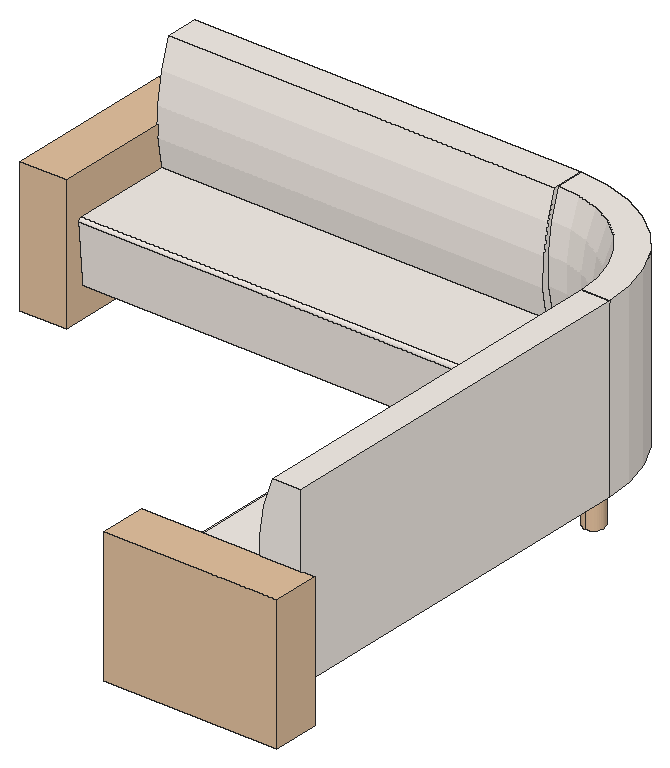
Revit family "Sofa-Sectional", category Furniture, Revit 2013
Parameters (values of type "72"")
  Seat Material = Textile - Linen, Smooth
  Frame Material = Wood - Cherry
  Assembly Code = "E2020200"
  Width = 6' - 0"
Types (2): name | Seat Material | Frame Material | Width
  72" | Textile - Linen, Smooth | Wood - Cherry | 6' - 0"
  54" | none | none | 4' - 6"
Reference planes (in)
  plane 1 "Center (Front/Back)": y = 5.7541
  plane 2: z = 0
  plane 3 "Center (Left/Right)": x = 2.77049
  plane 4: y = 18.7541
  plane 5: y = -7.2459
  plane 6: x = 38.77049
  plane 7: x = -28.22951
  plane 8: z = 31
  plane 9: x = -21.22951
  plane 10: y = 16.7541
  plane 11: x = 36.77049
  plane 12: y = -5.2459
  plane 13: z = 31.59637
Forms (in)
  Extrusion 1, solid, material "Wood - Cherry" <- "Frame Material"
    sketch origin (0, 0, 0) x (1, 0, 0) y (0, 1, 0)
      loop
        line (-21.22951, 18.7541) -> (-28.22951, 18.7541) -> (-28.22951, -7.2459) -> (-21.22951, -7.2459) -> (-21.22951, 18.7541)
    from 0 to 20
  Extrusion 2, solid, material "Textile - Linen, Smooth" <- "Seat Material"
    sketch origin (38.77049, -0.81938, -1) x (0, -1, 0) y (0, 0, 1)
      loop
        line (3.82584, 15) -> (-11.26679, 15)
        arc (-11.26679, 15) -> (-10.57599, 23.6255) -> (-12.7541, 32) r 26
        line (-12.7541, 32) -> (-17.57348, 32) -> (-17.57348, 5.63442) -> (3.55211, 5.63442) -> (4.32393, 14.45642)
        arc (4.32393, 14.45642) -> (4.19448, 14.8378) -> (3.82584, 15) r 0.5
    from 2 to 60
  Extrusion 3, solid, material "Textile - Linen, Smooth" <- "Seat Material"
    sketch origin (42.01639, -65.24305, -0.40363) x (-1, 0, 0) y (0, 0, 1)
      loop
        line (4.64807, 14.40363) -> (-11.42478, 14.40363)
        arc (-11.42478, 14.40363) -> (-10.52847, 22.99381) -> (-12.49551, 31.40363) r 26
        line (-12.49551, 31.40363) -> (-16.7541, 31.40363) -> (-16.7541, 5.03805) -> (4.37434, 5.03805) -> (5.14617, 13.86006)
        arc (5.14617, 13.86006) -> (5.01671, 14.24143) -> (4.64807, 14.40363) r 0.5
    from 2 to 60
  Revolve 4, solid, material "Textile - Linen, Smooth"
    sketch origin (42.01639, -5.24305, -0.40363) x (-1, 0, 0) y (0, 0, 1)
      loop
        line (-16.7541, 31.36597) -> (-16.7541, 5.03805) -> (4.37434, 5.03805) -> (5.17864, 14.10202)
        arc (5.17864, 14.10202) -> (4.99041, 14.34049) -> (4.70025, 14.43052) r 0.51259
        line (4.70025, 14.43052) -> (-11.41733, 14.43052)
        arc (-11.41733, 14.43052) -> (-10.52807, 22.98736) -> (-12.47977, 31.36597) r 26
        line (-12.47977, 31.36597) -> (-16.7541, 31.36597)
      axis (5.2459, 31.36597) -> (5.2459, 5.03805)
    angle from 0 to -90
  Extrusion 5, solid, material "Wood - Cherry" <- "Frame Material"
    sketch origin (42.01639, -93.05734, 0) x (0, -1, 0) y (1, 0, 0)
      loop
        line (-22.81429, 18.7541) -> (-29.81429, 18.7541) -> (-29.81429, -7.2459) -> (-22.81429, -7.2459) -> (-22.81429, 18.7541)
    from 0 to 20
  Extrusion 6, solid, material "Wood - Cherry"
    sketch origin (0, 0, 0) x (1, 0, 0) y (0, 1, 0)
      loop
        circle (36.77049, 14.34413) r 1.5
    from 0 to 4.63442
  Extrusion 7, solid, material "Wood - Cherry"
    sketch origin (41.94628, 31.59471, 0) x (0, -1, 0) y (1, 0, 0)
      loop
        circle (36.77049, 14.34413) r 1.5
    from 0 to 4.63442
Lines and regions (in)
  symbolic lines
    curve 1: line (-2.22951, -5.2459, 0) -> (-2.22951, 9.7541, 0)
    curve 2: line (16.77049, -5.2459, 0) -> (16.77049, 9.7541, 0)
    curve 3: line (36.89549, -25.24305, 0) -> (52.39549, -25.24305, 0)
    curve 4: line (36.89549, -44.24305, 0) -> (52.39549, -44.24305, 0)
Dimensions and locks (in)
  aligned and locked: plane 9 to Extrusion 2
  aligned and locked: Extrusion 1 to plane 9
  aligned and locked: plane 7 to Extrusion 1
